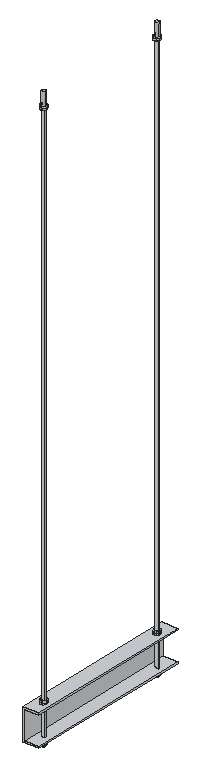
Revit family "TH_DA_U_Steel_Thread Rod", category Pipe Accessories, Revit 2023
Family settings
  Round Connector Dimension = Use Diameter
  Part Type = Normal
  Work Plane-Based = No
  Always vertical = Yes
  Cut with Voids When Loaded = No
  Shared = Yes
Parameters
  Washer_Thickness [instance] = size_lookup(LookupTable1, "s", 2 mm, BoltsNut_Type)  # 2 mm
  System_Type [instance] = ""
  Steel_Type [instance] = "C100x50"
  Middle [instance] = yes
  LookupTable2 = "DA_Thép C"  # constant formula
  LookupTable3 = "DA_Hexa Nuts_DIN934"  # constant formula
  Length Middle [instance] = 330.2 mm
  LAYER_2 [instance] = no
  LAYER 2 [instance] = 460 mm
  Insulation Thickness = 0 mm
  HexaNuts_Thickness [instance] = size_lookup(LookupTable3, "k", 2 mm, BoltsNut_Type)  # 8 mm
  VSteel_Thickness [instance] = size_lookup(LookupTable2, "T", 5 mm, Steel_Type)  # 5 mm
  VSteel_Height [instance] = size_lookup(LookupTable2, "H", 100 mm, Steel_Type)  # 100 mm
  VSteel _FaceWidth [instance] = size_lookup(LookupTable2, "W", 40 mm, Steel_Type)  # 50 mm
  UseClassification = 4
  ThreadRod_Diameter [instance] = size_lookup(LookupTable1, "d1", 2 mm, BoltsNut_Type)  # 10.5 mm
  Suppport_Hole Diameter [instance] = size_lookup(LookupTable1, "ND", 2 mm, BoltsNut_Type)  # 10 mm
  ThreadRod_Extend = 10 mm
  VSteel_Total Length [instance] = 550 mm
  Default Elevation = 0 mm
  BoltsNut_Type [instance] = "M10"
  LookupTable1 = "DA_FlatWasher_DIN 125"  # constant formula
  Distance_RodToElement = 50 mm
  Distance_EdgeToRod = 50 mm
  ElementBottomToFloor [instance] = 1700 mm
  WasherFlat_Thinkness [instance] = if(Suppport_Hole Diameter = 3 mm, 0.5 mm, if(Suppport_Hole Diameter = 4 mm, 0.8 mm, if(Suppport_Hole Diameter = 5 mm, 1 mm, if(Suppport_Hole Diameter = 6 mm, 1.6 mm, if(Suppport_Hole Diameter = 8 mm, 1.6 mm, if(Suppport_Hole Diameter = 10 mm, 2 mm, if(Suppport_Hole Diameter = 12 mm, 2.5 mm, if(Suppport_Hole Diameter = 14 mm, 2.5 mm, if(Suppport_Hole Diameter = 16 mm, 3 mm, if(Suppport_Hole Diameter = 18 mm, 3 mm, if(Suppport_Hole Diameter = 20 mm, 3 mm, if(Suppport_Hole Diameter = 22 mm, 3 mm, if(Suppport_Hole Diameter = 24 mm, 4 mm, if(Suppport_Hole Diameter = 27 mm, 4 mm, if(Suppport_Hole Diameter = 30 mm, 4 mm, if(Suppport_Hole Diameter = 33 mm, 5 mm, if(Suppport_Hole Diameter = 36 mm, 5 mm, if(Suppport_Hole Diameter = 39 mm, 6 mm, if(Suppport_Hole Diameter = 42 mm, 7 mm, if(Suppport_Hole Diameter = 45 mm, 7 mm, if(Suppport_Hole Diameter = 48 mm, 8 mm, if(Suppport_Hole Diameter = 52 mm, 8 mm, if(Suppport_Hole Diameter = 56 mm, 9 mm, if(Suppport_Hole Diameter = 60 mm, 9 mm, if(Suppport_Hole Diameter = 64 mm, 9 mm, 0 mm)))))))))))))))))))))))))  # 2 mm
  Element_Width [instance] = 1300 mm
Reference planes
  plane 1 "Center (Front/Back)": y = 0
  plane 2: z = 0
  plane 3 "Center (Left/Right)": x = 0
  plane 4: y = 275
  plane 5: y = -275
  plane 6: x = 25
  plane 7: x = -25
  plane 8: y = 225
  plane 9: y = -225
  plane 10: z = -100
  plane 11: z = -5
  plane 12: z = -7
  plane 13: z = -15
  plane 14: z = -25
  plane 15: z = 2
  plane 16: z = 1700
  plane 17: z = 1698
  plane 18: z = 0
  plane 19: z = -102
  plane 20: z = -110
  plane 21: z = -100
  plane 22: z = -122.615
  plane 23: z = 460
  plane 24: z = 560
  plane 25: z = 358
  plane 26: z = 350
  plane 27: z = 565
  plane 28: z = 367
  plane 29: z = 455
  plane 30: z = 453
  plane 31: z = 462
  plane 32: z = -93
  plane 33: z = -95
  plane 34: z = 360
  plane 35: z = 365
Forms (mm)
  Extrusion 1, solid
    sketch origin (-64.486, -1524, -25) x (-1, 0, 0) y (0, -1, 0)
      loop
        circle (-64.486, -1299) r 5.25
    from -97.615 to 1725
  Extrusion 2, solid
    sketch origin (-64.486, -1524, -25) x (-1, 0, 0) y (0, -1, 0)
      loop
        circle (-64.486, -1749) r 5.25
    from -97.615 to 1725
Lines and regions (mm)
  model lines
    curve 1: line (-25, 225, 0) -> (25, 225, 0)
    curve 2: line (-25, -225, 0) -> (25, -225, 0)
    curve 3: line (0, 275, 0) -> (0, 225, 0)
    curve 4: line (0, -225, 0) -> (0, -275, 0)
Dimensions and locks
  "Distance_EdgeToRod": plane 4 to plane 8
  "Distance_EdgeToRod": plane 9 to plane 5
  "VSteel_Total Length": plane 4 to plane 5
  equal spacing: plane 7, plane 3 "Center (Left/Right)", plane 6
  "VSteel _FaceWidth": plane 7 to plane 6
  "VSteel_Height": plane 2 to plane 10
  "VSteel_Thickness": plane 2 to plane 11
  "Washer_Thickness": plane 11 to plane 12
  "HexaNuts_Thickness": plane 12 to plane 13
  "ThreadRod_Extend": plane 13 to plane 14
  "Washer_Thickness": plane 15 to plane 2
  "ElementBottomToFloor": plane 16 to plane 2
  "Washer_Thickness": plane 16 to plane 17
  plane 18 to plane 2 = 0 mm
  equal spacing: plane 9, plane 1 "Center (Front/Back)", plane 8
  locked: plane 19 to plane 21 at 2
  locked: plane 20 to plane 21 at 10
  locked: plane 22 to plane 21 at 22.615
  "LAYER 2": plane 23 to level
  locked: plane 31 to plane 23 at 2
  locked: plane 25 to plane 26 at 8
  "Washer_Thickness": plane 32 to plane 33
  "VSteel_Thickness": plane 33 to plane 21
  "VSteel_Thickness": plane 35 to plane 34
  plane 28 to plane 35 = 2 mm
  plane 34 to plane 25 = 2 mm
  plane 23 to plane 33 = 555 mm
  "VSteel_Height": plane 23 to plane 34
  "VSteel_Thickness": plane 23 to plane 29
  "Washer_Thickness": plane 29 to plane 30
  "ThreadRod_Diameter": diameter of Extrusion 1 sketch curve
  "ThreadRod_Diameter": diameter of Extrusion 2 sketch curve
  aligned and locked: level to plane 2
  aligned and locked: plane 9 to Extrusion 1 sketch curve
  aligned and locked: plane 3 "Center (Left/Right)" to Extrusion 1 sketch curve
  aligned and locked: plane 3 "Center (Left/Right)" to nested 2
  aligned and locked: plane 3 "Center (Left/Right)" to nested 1
  aligned and locked: plane 9 to nested 1
  aligned and locked: plane 9 to nested 2
  aligned and locked: plane 11 to nested 2
  aligned and locked: plane 12 to nested 1
  aligned and locked: plane 2 to nested 4
  aligned and locked: plane 15 to nested 3
  aligned and locked: nested 3 to plane 3 "Center (Left/Right)"
  aligned and locked: nested 4 to plane 3 "Center (Left/Right)"
  aligned and locked: nested 3 to plane 9
  aligned and locked: nested 4 to plane 9
  aligned and locked: plane 16 to Extrusion 1
  aligned and locked: plane 8 to Extrusion 2 sketch curve
  aligned and locked: plane 3 "Center (Left/Right)" to Extrusion 2 sketch curve
  aligned and locked: Extrusion 2 to Extrusion 1  (x2)
  aligned and locked: plane 8 to nested 7
  aligned and locked: plane 8 to nested 8
  aligned and locked: nested 6 to plane 8
  aligned and locked: nested 5 to plane 8  (x2)
  aligned and locked: nested 7 to plane 8
  aligned and locked: nested 8 to plane 2
  aligned and locked: nested 7 to plane 15
  aligned and locked: nested 6 to plane 11
  aligned and locked: nested 5 to plane 12
  aligned and locked: nested 10 to plane 9
  aligned and locked: nested 9 to plane 9
  aligned and locked: nested 10 to plane 16
  aligned and locked: nested 9 to plane 17
  aligned and locked: plane 8 to nested 11
  aligned and locked: plane 8 to nested 12
  aligned and locked: plane 16 to nested 12
  aligned and locked: plane 17 to nested 11
  aligned and locked: nested 10 to plane 3 "Center (Left/Right)"
  aligned and locked: nested 9 to plane 3 "Center (Left/Right)"
  aligned and locked: plane 3 "Center (Left/Right)" to nested 12
  aligned and locked: plane 3 "Center (Left/Right)" to nested 11
  aligned and locked: plane 9 to nested 13
  aligned and locked: plane 16 to nested 13
  aligned and locked: nested 14 to plane 8
  aligned and locked: plane 16 to nested 14
  aligned and locked: plane 3 "Center (Left/Right)" to nested 13
  aligned and locked: nested 14 to plane 3 "Center (Left/Right)"
  aligned and locked: curve 1 to plane 8
  aligned and locked: plane 9 to curve 2
  aligned and locked: curve 3 to plane 3 "Center (Left/Right)"
  aligned and locked: plane 4 to curve 3
  aligned and locked: plane 8 to curve 3
  aligned and locked: plane 5 to curve 4
  aligned and locked: curve 4 to plane 3 "Center (Left/Right)"
  aligned and locked: nested 15 to plane 4
  aligned and locked: nested 15 to plane 1 "Center (Front/Back)"
  aligned and locked: nested 16 to plane 19
  aligned and locked: plane 22 to Extrusion 2
  aligned and locked: nested 17 to plane 20
  aligned and locked: nested 18 to plane 19
  aligned and locked: nested 16 to plane 8
  aligned and locked: plane 9 to nested 17  (x2)
  aligned and locked: plane 9 to nested 18
  aligned and locked: nested 24 to plane 8
  aligned and locked: nested 20 to plane 8
  aligned and locked: nested 21 to plane 8
  aligned and locked: plane 8 to nested 22
  aligned and locked: plane 8 to nested 23
  aligned and locked: nested 29 to plane 20
  aligned and locked: nested 20 to plane 25
  aligned and locked: plane 26 to nested 20
  aligned and locked: nested 24 to plane 26
  aligned and locked: nested 22 to plane 28
  aligned and locked: nested 26 to plane 29
  aligned and locked: nested 25 to plane 30
  aligned and locked: nested 28 to plane 23
  aligned and locked: nested 27 to plane 31
  aligned and locked: plane 31 to nested 28
  aligned and locked: nested 25 to plane 8
  aligned and locked: nested 26 to plane 8
  aligned and locked: plane 8 to nested 27
  aligned and locked: plane 8 to nested 28
  aligned and locked: plane 9 to nested 34
  aligned and locked: nested 34 to plane 26
  aligned and locked: plane 9 to nested 30
  aligned and locked: nested 30 to plane 25
  aligned and locked: plane 9 to nested 31
  aligned and locked: plane 25 to nested 31
  aligned and locked: nested 33 to plane 9
  aligned and locked: plane 28 to nested 33
  aligned and locked: nested 32 to plane 9
  aligned and locked: nested 37 to plane 9
  aligned and locked: nested 38 to plane 9
  aligned and locked: nested 37 to plane 31
  aligned and locked: plane 31 to nested 38
  aligned and locked: plane 9 to nested 35
  aligned and locked: plane 9 to nested 36
  aligned and locked: plane 30 to nested 36
  aligned and locked: nested 35 to plane 30
  aligned and locked: nested 39 to plane 20
  aligned and locked: plane 9 to nested 39
  aligned and locked: nested 29 to plane 8
  aligned and locked: plane 28 to nested 23
  aligned and locked: plane 25 to nested 21
  aligned and locked: nested 32 to plane 28
  aligned and locked: plane 10 to plane 21
  aligned and locked: nested 40 to plane 32
  aligned and locked: plane 32 to nested 41
  aligned and locked: nested 42 to plane 9
  aligned and locked: nested 43 to plane 9
  aligned and locked: nested 43 to plane 33
  aligned and locked: nested 42 to plane 32
  aligned and locked: plane 34 to nested 19
  aligned and locked: plane 35 to nested 19
  aligned and locked: plane 23 to nested 19
  aligned and locked: plane 8 to nested 40
  aligned and locked: plane 8 to nested 41
  aligned and locked: nested 44 to plane 19
  aligned and locked: plane 8 to nested 44
Automatic sketch dimensions
  curve 2 to plane 7 = 0 mm
  curve 1 to plane 7 = 0 mm
  curve 2 to plane 6 = 0 mm
  curve 1 to plane 6 = 0 mm
Nested families
  nested 1: "TH_Hexa Nuts_DIN933_R19" at (0, -225, -15), DSC_Nuts_Type <- "BoltsNut_Type", type "Hexa Nuts"
    with Nuts_Working Radius 8.5 mm, Nuts_Working Diameter 10 mm, Nuts_Thinkness 8 mm, Nuts_Size in 17 mm, Nuts_Outer Dimentions 19.6 mm, Nuts_Lace Step 1.25 mm, Nuts_Half Size in 8.5 mm, DSC_Nuts_Type "M10"
  nested 2: "TH_Flat Washer_DIN125_R19" at (0, -225, -7), DSC_Washer_Type <- "BoltsNut_Type", type "Flat Washer"
    with FlatWasher_Thickness 2 mm, FlatWasher_OutsideDiameter 20 mm, FlatWasher_InsideDiameter 10.5 mm, DSC_Washer_Type "M10"
  nested 3: "TH_Hexa Nuts_DIN933_R19" at (0, -225, 10) x (1, 0, 0) z (0, 0, -1), DSC_Nuts_Type <- "BoltsNut_Type", type "Hexa Nuts"
    with Nuts_Working Radius 8.5 mm, Nuts_Working Diameter 10 mm, Nuts_Thinkness 8 mm, Nuts_Size in 17 mm, Nuts_Outer Dimentions 19.6 mm, Nuts_Lace Step 1.25 mm, Nuts_Half Size in 8.5 mm, DSC_Nuts_Type "M10"
  nested 4: "TH_Flat Washer_DIN125_R19" at (0, -225, 2) x (1, 0, 0) z (0, 0, -1), DSC_Washer_Type <- "BoltsNut_Type", type "Flat Washer"
    with FlatWasher_Thickness 2 mm, FlatWasher_OutsideDiameter 20 mm, FlatWasher_InsideDiameter 10.5 mm, DSC_Washer_Type "M10"
  nested 5: "TH_Hexa Nuts_DIN933_R19" at (0, 225, -15), DSC_Nuts_Type <- "BoltsNut_Type", type "Hexa Nuts"
    with Nuts_Working Radius 8.5 mm, Nuts_Working Diameter 10 mm, Nuts_Thinkness 8 mm, Nuts_Size in 17 mm, Nuts_Outer Dimentions 19.6 mm, Nuts_Lace Step 1.25 mm, Nuts_Half Size in 8.5 mm, DSC_Nuts_Type "M10"
  nested 6: "TH_Flat Washer_DIN125_R19" at (0, 225, -7), DSC_Washer_Type <- "BoltsNut_Type", type "Flat Washer"
    with FlatWasher_Thickness 2 mm, FlatWasher_OutsideDiameter 20 mm, FlatWasher_InsideDiameter 10.5 mm, DSC_Washer_Type "M10"
  nested 7: "TH_Hexa Nuts_DIN933_R19" at (0, 225, 10) x (1, 0, 0) z (0, 0, -1), DSC_Nuts_Type <- "BoltsNut_Type", type "Hexa Nuts"
    with Nuts_Working Radius 8.5 mm, Nuts_Working Diameter 10 mm, Nuts_Thinkness 8 mm, Nuts_Size in 17 mm, Nuts_Outer Dimentions 19.6 mm, Nuts_Lace Step 1.25 mm, Nuts_Half Size in 8.5 mm, DSC_Nuts_Type "M10"
  nested 8: "TH_Flat Washer_DIN125_R19" at (0, 225, 2) x (1, 0, 0) z (0, 0, -1), DSC_Washer_Type <- "BoltsNut_Type", type "Flat Washer"
    with FlatWasher_Thickness 2 mm, FlatWasher_OutsideDiameter 20 mm, FlatWasher_InsideDiameter 10.5 mm, DSC_Washer_Type "M10"
  nested 9: "TH_Hexa Nuts_DIN933_R19" at (0, -225, 1698) x (1, 0, 0) z (0, 0, -1), DSC_Nuts_Type <- "BoltsNut_Type", type "Hexa Nuts"
    with Nuts_Working Radius 8.5 mm, Nuts_Working Diameter 10 mm, Nuts_Thinkness 8 mm, Nuts_Size in 17 mm, Nuts_Outer Dimentions 19.6 mm, Nuts_Lace Step 1.25 mm, Nuts_Half Size in 8.5 mm, DSC_Nuts_Type "M10"
  nested 10: "TH_Flat Washer_DIN125_R19" at (0, -225, 1700) x (1, 0, 0) z (0, 0, -1), DSC_Washer_Type <- "BoltsNut_Type", type "Flat Washer"
    with FlatWasher_Thickness 2 mm, FlatWasher_OutsideDiameter 20 mm, FlatWasher_InsideDiameter 10.5 mm, DSC_Washer_Type "M10"
  nested 11: "TH_Hexa Nuts_DIN933_R19" at (0, 225, 1698) x (1, 0, 0) z (0, 0, -1), DSC_Nuts_Type <- "BoltsNut_Type", type "Hexa Nuts"
    with Nuts_Working Radius 8.5 mm, Nuts_Working Diameter 10 mm, Nuts_Thinkness 8 mm, Nuts_Size in 17 mm, Nuts_Outer Dimentions 19.6 mm, Nuts_Lace Step 1.25 mm, Nuts_Half Size in 8.5 mm, DSC_Nuts_Type "M10"
  nested 12: "TH_Flat Washer_DIN125_R19" at (0, 225, 1700) x (1, 0, 0) z (0, 0, -1), DSC_Washer_Type <- "BoltsNut_Type", type "Flat Washer"
    with FlatWasher_Thickness 2 mm, FlatWasher_OutsideDiameter 20 mm, FlatWasher_InsideDiameter 10.5 mm, DSC_Washer_Type "M10"
  nested 13: "TH_Drop in Anchor_DIN931_R19" at (0, -225, 1700), Anchor_Type <- "BoltsNut_Type", type "TH_Drop in Anchor_DIN931_R19"
    with Anchor_WorkingDiameter 10 mm, Anchor_Type "M10", Anchor_TotalLength 40 mm, Anchor_OutsideRadius 6 mm, Anchor_OutsideDiameter 12 mm, Anchor_InsideRadius 5 mm, Anchor_InsideDiameter 10 mm, Anchor_InnerThreadLength 16 mm
  nested 14: "TH_Drop in Anchor_DIN931_R19" at (0, 225, 1700), Anchor_Type <- "BoltsNut_Type", type "TH_Drop in Anchor_DIN931_R19"
    with Anchor_WorkingDiameter 10 mm, Anchor_Type "M10", Anchor_TotalLength 40 mm, Anchor_OutsideRadius 6 mm, Anchor_OutsideDiameter 12 mm, Anchor_InsideRadius 5 mm, Anchor_InsideDiameter 10 mm, Anchor_InnerThreadLength 16 mm
  nested 15: "TH_C Steel_R19" at (-25, 0, -25) x (0, 0, -1) z (-1, 0, 0), VSteel_Type <- "Steel_Type", VSteel_TotalLength <- "VSteel_Total Length", type "TH_C Steel_R19"
    with VSteel_Width 50 mm, VSteel_Type "C100x50", VSteel_TotalLength 550 mm, VSteel_Thinkness 5 mm, VSteel_HoleSpacing 490 mm, VSteel_HoleDiameter 8 mm, VSteel_Height 100 mm
  nested 16: "TH_Hexa Nuts_DIN933_R19" at (0, 225, -110), DSC_Nuts_Type <- "BoltsNut_Type", type "Hexa Nuts"
    with Nuts_Working Radius 8.5 mm, Nuts_Working Diameter 10 mm, Nuts_Thinkness 8 mm, Nuts_Size in 17 mm, Nuts_Outer Dimentions 19.6 mm, Nuts_Lace Step 1.25 mm, Nuts_Half Size in 8.5 mm, DSC_Nuts_Type "M10"
  nested 17: "TH_Hexa Nuts_DIN933_R19" at (0, -225, -110), DSC_Nuts_Type <- "BoltsNut_Type", type "Hexa Nuts"
    with Nuts_Working Radius 8.5 mm, Nuts_Working Diameter 10 mm, Nuts_Thinkness 8 mm, Nuts_Size in 17 mm, Nuts_Outer Dimentions 19.6 mm, Nuts_Lace Step 1.25 mm, Nuts_Half Size in 8.5 mm, DSC_Nuts_Type "M10"
  nested 18: "TH_Flat Washer_DIN125_R19" at (0, -225, -102), DSC_Washer_Type <- "BoltsNut_Type", type "Flat Washer"
    with FlatWasher_Thickness 2 mm, FlatWasher_OutsideDiameter 20 mm, FlatWasher_InsideDiameter 10.5 mm, DSC_Washer_Type "M10"
  nested 19: "TH_C Steel_R19" at (-25, 0, 435) x (0, 0, -1) z (-1, 0, 0), VSteel_Type <- "Steel_Type", VSteel_TotalLength <- "VSteel_Total Length", visible <- "LAYER_2", type "TH_C Steel_R19"
    with VSteel_Width 50 mm, VSteel_Type "C100x50", VSteel_TotalLength 550 mm, VSteel_Thinkness 5 mm, VSteel_HoleSpacing 490 mm, VSteel_HoleDiameter 8 mm, VSteel_Height 100 mm
  nested 20: "TH_Hexa Nuts_DIN933_R19" at (0, 225, 350), DSC_Nuts_Type <- "BoltsNut_Type", visible <- "LAYER_2", type "Hexa Nuts"
    with Nuts_Working Radius 8.5 mm, Nuts_Working Diameter 10 mm, Nuts_Thinkness 8 mm, Nuts_Size in 17 mm, Nuts_Outer Dimentions 19.6 mm, Nuts_Lace Step 1.25 mm, Nuts_Half Size in 8.5 mm, DSC_Nuts_Type "M10"
  nested 21: "TH_Flat Washer_DIN125_R19" at (0, 225, 358), DSC_Washer_Type <- "BoltsNut_Type", visible <- "LAYER_2", type "Flat Washer"
    with FlatWasher_Thickness 2 mm, FlatWasher_OutsideDiameter 20 mm, FlatWasher_InsideDiameter 10.5 mm, DSC_Washer_Type "M10"
  nested 22: "TH_Hexa Nuts_DIN933_R19" at (0, 225, 375) x (1, 0, 0) z (0, 0, -1), DSC_Nuts_Type <- "BoltsNut_Type", visible <- "LAYER_2", type "Hexa Nuts"
    with Nuts_Working Radius 8.5 mm, Nuts_Working Diameter 10 mm, Nuts_Thinkness 8 mm, Nuts_Size in 17 mm, Nuts_Outer Dimentions 19.6 mm, Nuts_Lace Step 1.25 mm, Nuts_Half Size in 8.5 mm, DSC_Nuts_Type "M10"
  nested 23: "TH_Flat Washer_DIN125_R19" at (0, 225, 367) x (1, 0, 0) z (0, 0, -1), DSC_Washer_Type <- "BoltsNut_Type", visible <- "LAYER_2", type "Flat Washer"
    with FlatWasher_Thickness 2 mm, FlatWasher_OutsideDiameter 20 mm, FlatWasher_InsideDiameter 10.5 mm, DSC_Washer_Type "M10"
  nested 24: "TH_Hexa Nuts_DIN933_R19" at (0, 225, 342), DSC_Nuts_Type <- "BoltsNut_Type", visible <- "LAYER_2", type "Hexa Nuts"
    with Nuts_Working Radius 8.5 mm, Nuts_Working Diameter 10 mm, Nuts_Thinkness 8 mm, Nuts_Size in 17 mm, Nuts_Outer Dimentions 19.6 mm, Nuts_Lace Step 1.25 mm, Nuts_Half Size in 8.5 mm, DSC_Nuts_Type "M10"
  nested 25: "TH_Hexa Nuts_DIN933_R19" at (0, 225, 445), DSC_Nuts_Type <- "BoltsNut_Type", visible <- "LAYER_2", type "Hexa Nuts"
    with Nuts_Working Radius 8.5 mm, Nuts_Working Diameter 10 mm, Nuts_Thinkness 8 mm, Nuts_Size in 17 mm, Nuts_Outer Dimentions 19.6 mm, Nuts_Lace Step 1.25 mm, Nuts_Half Size in 8.5 mm, DSC_Nuts_Type "M10"
  nested 26: "TH_Flat Washer_DIN125_R19" at (0, 225, 453), DSC_Washer_Type <- "BoltsNut_Type", visible <- "LAYER_2", type "Flat Washer"
    with FlatWasher_Thickness 2 mm, FlatWasher_OutsideDiameter 20 mm, FlatWasher_InsideDiameter 10.5 mm, DSC_Washer_Type "M10"
  nested 27: "TH_Hexa Nuts_DIN933_R19" at (0, 225, 470) x (1, 0, 0) z (0, 0, -1), DSC_Nuts_Type <- "BoltsNut_Type", visible <- "LAYER_2", type "Hexa Nuts"
    with Nuts_Working Radius 8.5 mm, Nuts_Working Diameter 10 mm, Nuts_Thinkness 8 mm, Nuts_Size in 17 mm, Nuts_Outer Dimentions 19.6 mm, Nuts_Lace Step 1.25 mm, Nuts_Half Size in 8.5 mm, DSC_Nuts_Type "M10"
  nested 28: "TH_Flat Washer_DIN125_R19" at (0, 225, 462) x (1, 0, 0) z (0, 0, -1), DSC_Washer_Type <- "BoltsNut_Type", visible <- "LAYER_2", type "Flat Washer"
    with FlatWasher_Thickness 2 mm, FlatWasher_OutsideDiameter 20 mm, FlatWasher_InsideDiameter 10.5 mm, DSC_Washer_Type "M10"
  nested 29: "TH_Hexa Nuts_DIN933_R19" at (0, 225, -118), DSC_Nuts_Type <- "BoltsNut_Type", type "Hexa Nuts"
    with Nuts_Working Radius 8.5 mm, Nuts_Working Diameter 10 mm, Nuts_Thinkness 8 mm, Nuts_Size in 17 mm, Nuts_Outer Dimentions 19.6 mm, Nuts_Lace Step 1.25 mm, Nuts_Half Size in 8.5 mm, DSC_Nuts_Type "M10"
  nested 30: "TH_Hexa Nuts_DIN933_R19" at (0, -225, 350), DSC_Nuts_Type <- "BoltsNut_Type", visible <- "LAYER_2", type "Hexa Nuts"
    with Nuts_Working Radius 8.5 mm, Nuts_Working Diameter 10 mm, Nuts_Thinkness 8 mm, Nuts_Size in 17 mm, Nuts_Outer Dimentions 19.6 mm, Nuts_Lace Step 1.25 mm, Nuts_Half Size in 8.5 mm, DSC_Nuts_Type "M10"
  nested 31: "TH_Flat Washer_DIN125_R19" at (0, -225, 358), DSC_Washer_Type <- "BoltsNut_Type", visible <- "LAYER_2", type "Flat Washer"
    with FlatWasher_Thickness 2 mm, FlatWasher_OutsideDiameter 20 mm, FlatWasher_InsideDiameter 10.5 mm, DSC_Washer_Type "M10"
  nested 32: "TH_Hexa Nuts_DIN933_R19" at (0, -225, 375) x (1, 0, 0) z (0, 0, -1), DSC_Nuts_Type <- "BoltsNut_Type", visible <- "LAYER_2", type "Hexa Nuts"
    with Nuts_Working Radius 8.5 mm, Nuts_Working Diameter 10 mm, Nuts_Thinkness 8 mm, Nuts_Size in 17 mm, Nuts_Outer Dimentions 19.6 mm, Nuts_Lace Step 1.25 mm, Nuts_Half Size in 8.5 mm, DSC_Nuts_Type "M10"
  nested 33: "TH_Flat Washer_DIN125_R19" at (0, -225, 367) x (1, 0, 0) z (0, 0, -1), DSC_Washer_Type <- "BoltsNut_Type", visible <- "LAYER_2", type "Flat Washer"
    with FlatWasher_Thickness 2 mm, FlatWasher_OutsideDiameter 20 mm, FlatWasher_InsideDiameter 10.5 mm, DSC_Washer_Type "M10"
  nested 34: "TH_Hexa Nuts_DIN933_R19" at (0, -225, 342), DSC_Nuts_Type <- "BoltsNut_Type", visible <- "LAYER_2", type "Hexa Nuts"
    with Nuts_Working Radius 8.5 mm, Nuts_Working Diameter 10 mm, Nuts_Thinkness 8 mm, Nuts_Size in 17 mm, Nuts_Outer Dimentions 19.6 mm, Nuts_Lace Step 1.25 mm, Nuts_Half Size in 8.5 mm, DSC_Nuts_Type "M10"
  nested 35: "TH_Hexa Nuts_DIN933_R19" at (0, -225, 445), DSC_Nuts_Type <- "BoltsNut_Type", visible <- "LAYER_2", type "Hexa Nuts"
    with Nuts_Working Radius 8.5 mm, Nuts_Working Diameter 10 mm, Nuts_Thinkness 8 mm, Nuts_Size in 17 mm, Nuts_Outer Dimentions 19.6 mm, Nuts_Lace Step 1.25 mm, Nuts_Half Size in 8.5 mm, DSC_Nuts_Type "M10"
  nested 36: "TH_Flat Washer_DIN125_R19" at (0, -225, 453), DSC_Washer_Type <- "BoltsNut_Type", visible <- "LAYER_2", type "Flat Washer"
    with FlatWasher_Thickness 2 mm, FlatWasher_OutsideDiameter 20 mm, FlatWasher_InsideDiameter 10.5 mm, DSC_Washer_Type "M10"
  nested 37: "TH_Hexa Nuts_DIN933_R19" at (0, -225, 470) x (1, 0, 0) z (0, 0, -1), DSC_Nuts_Type <- "BoltsNut_Type", visible <- "LAYER_2", type "Hexa Nuts"
    with Nuts_Working Radius 8.5 mm, Nuts_Working Diameter 10 mm, Nuts_Thinkness 8 mm, Nuts_Size in 17 mm, Nuts_Outer Dimentions 19.6 mm, Nuts_Lace Step 1.25 mm, Nuts_Half Size in 8.5 mm, DSC_Nuts_Type "M10"
  nested 38: "TH_Flat Washer_DIN125_R19" at (0, -225, 462) x (1, 0, 0) z (0, 0, -1), DSC_Washer_Type <- "BoltsNut_Type", visible <- "LAYER_2", type "Flat Washer"
    with FlatWasher_Thickness 2 mm, FlatWasher_OutsideDiameter 20 mm, FlatWasher_InsideDiameter 10.5 mm, DSC_Washer_Type "M10"
  nested 39: "TH_Hexa Nuts_DIN933_R19" at (0, -225, -118), DSC_Nuts_Type <- "BoltsNut_Type", type "Hexa Nuts"
    with Nuts_Working Radius 8.5 mm, Nuts_Working Diameter 10 mm, Nuts_Thinkness 8 mm, Nuts_Size in 17 mm, Nuts_Outer Dimentions 19.6 mm, Nuts_Lace Step 1.25 mm, Nuts_Half Size in 8.5 mm, DSC_Nuts_Type "M10"
  nested 40: "TH_Hexa Nuts_DIN933_R19" at (0, 225, -85) x (1, 0, 0) z (0, 0, -1), DSC_Nuts_Type <- "BoltsNut_Type", visible <- "LAYER_2", type "Hexa Nuts"
    with Nuts_Working Radius 8.5 mm, Nuts_Working Diameter 10 mm, Nuts_Thinkness 8 mm, Nuts_Size in 17 mm, Nuts_Outer Dimentions 19.6 mm, Nuts_Lace Step 1.25 mm, Nuts_Half Size in 8.5 mm, DSC_Nuts_Type "M10"
  nested 41: "TH_Flat Washer_DIN125_R19" at (0, 225, -93) x (1, 0, 0) z (0, 0, -1), DSC_Washer_Type <- "BoltsNut_Type", visible <- "LAYER_2", type "Flat Washer"
    with FlatWasher_Thickness 2 mm, FlatWasher_OutsideDiameter 20 mm, FlatWasher_InsideDiameter 10.5 mm, DSC_Washer_Type "M10"
  nested 42: "TH_Hexa Nuts_DIN933_R19" at (0, -225, -85) x (1, 0, 0) z (0, 0, -1), DSC_Nuts_Type <- "BoltsNut_Type", visible <- "LAYER_2", type "Hexa Nuts"
    with Nuts_Working Radius 8.5 mm, Nuts_Working Diameter 10 mm, Nuts_Thinkness 8 mm, Nuts_Size in 17 mm, Nuts_Outer Dimentions 19.6 mm, Nuts_Lace Step 1.25 mm, Nuts_Half Size in 8.5 mm, DSC_Nuts_Type "M10"
  nested 43: "TH_Flat Washer_DIN125_R19" at (0, -225, -93) x (1, 0, 0) z (0, 0, -1), DSC_Washer_Type <- "BoltsNut_Type", visible <- "LAYER_2", type "Flat Washer"
    with FlatWasher_Thickness 2 mm, FlatWasher_OutsideDiameter 20 mm, FlatWasher_InsideDiameter 10.5 mm, DSC_Washer_Type "M10"
  nested 44: "TH_Flat Washer_DIN125_R19" at (0, 225, -100) x (1, 0, 0) z (0, 0, -1), DSC_Washer_Type <- "BoltsNut_Type", visible <- "LAYER_2", type "Flat Washer"
    with FlatWasher_Thickness 2 mm, FlatWasher_OutsideDiameter 20 mm, FlatWasher_InsideDiameter 10.5 mm, DSC_Washer_Type "M10"
Definition of nested family "TH_Hexa Nuts_DIN933_R19"
  Parameters (values of type "Hexa Nuts")
    Type Image = (empty or 0)
    Nuts_Working Diameter [instance] = size_lookup(DSC_Lookup Table, "d", 2 mm, DSC_Nuts_Type)  # 10 mm
    Nuts_Size in [instance] = size_lookup(DSC_Lookup Table, "s", 2 mm, DSC_Nuts_Type)  # 17 mm
    Nuts_Outer Dimentions [instance] = size_lookup(DSC_Lookup Table, "e", 2 mm, DSC_Nuts_Type)  # 19.6 mm
    Nuts_Lace Step [instance] = size_lookup(DSC_Lookup Table, "P", 2 mm, DSC_Nuts_Type)  # 1.25 mm
    Nuts_Half Size in [instance] = Nuts_Size in / 2  # 8.5 mm
    Nuts_Working Radius [instance] = Nuts_Size in / 2  # 8.5 mm
    Nuts_Thinkness [instance] = size_lookup(DSC_Lookup Table, "k", 2 mm, DSC_Nuts_Type)  # 8 mm
    Default Elevation = 0 mm
    DSC_Nuts_Type [instance] = "M10"
    DSC_Lookup Table = "DA_Hexa Nuts_DIN934"  # constant formula
  Reference planes
    plane 1 "Center (Front/Back)": y = 0
    plane 2: z = 0
    plane 3 "Center (Left/Right)": x = 0
    plane 4: through (-17.5, 30.311, 1200) normal (0.866, 0.5, 0)
    plane 5: through (-17.5, -30.311, 1200) normal (-0.866, 0.5, 0)
    plane 6: z = 8
  Forms (mm)
    Extrusion 1, solid
      sketch origin (0, 0, 0) x (1, 0, 0) y (0, 1, 0)
        loop
          line (9.815, 0) -> (4.907, 8.5) -> (-4.907, 8.5) -> (-9.815, 0) -> (-4.907, -8.5) -> (4.907, -8.5) -> (9.815, 0)
        loop
          circle (0, 0) r 5
      from 0 to 8
    Revolve 2, void
      sketch origin (0, 0, 0) x (0, 1, 0) y (0, 0, 1)
        loop
          line (-8.5, 8) -> (-19.6, 8) -> (-19.6, 0) -> (-8.5, 0) -> (-15.428, 4) -> (-8.5, 8)
        axis (0, 0) -> (0, 8)
      angle from 0 to 360
  Cuts and joins
    Revolve 2 cuts Extrusion 1
  Dimensions and locks
    "Nuts_Working Radius": Extrusion 1 sketch curve to plane 5  (x2)
    "Nuts_Working Radius": Extrusion 1 sketch curve to plane 1 "Center (Front/Back)"  (x2)
    "Nuts_Working Radius": Extrusion 1 sketch curve to plane 4  (x2)
    "Nuts_Thinkness": plane 6 to level
    "Nuts_Working Radius": Revolve 2 sketch curve to Revolve 2 sketch curve  (x2)
    "Nuts_Thinkness": Revolve 2 sketch curve to level
    "Nuts_Outer Dimentions": Revolve 2 sketch curve to Revolve 2 sketch curve
    "Nuts_Working Diameter": diameter of Extrusion 1 sketch curve
    locked: level to Revolve 2 sketch curve (angle 30.00°)
    locked: Revolve 2 sketch curve to level (angle 30.00°)
    aligned and locked: level to plane 2
    aligned and locked: Extrusion 1 to level
    aligned and locked: plane 6 to Extrusion 1
    aligned and locked: Revolve 2 sketch curve to level
  Automatic sketch dimensions
    plane 1 "Center (Front/Back)" to Extrusion 1 sketch curve = 0 mm
    Extrusion 1 sketch curve to plane 3 "Center (Left/Right)" = 0 mm
    Revolve 2 sketch curve to plane 1 "Center (Front/Back)" = 0 mm
    Revolve 2 sketch curve to level = 115.333 mm
    plane 6 to Revolve 2 sketch curve = 1259.435 mm
Definition of nested family "TH_Flat Washer_DIN125_R19"
  Parameters (values of type "Flat Washer")
    FlatWasher_Thickness [instance] = size_lookup(DSC_Lookup Table, "s", 2 mm, DSC_Washer_Type)  # 9 mm
    FlatWasher_OutsideDiameter [instance] = size_lookup(DSC_Lookup Table, "d2", 2 mm, DSC_Washer_Type)  # 115 mm
    FlatWasher_InsideDiameter [instance] = size_lookup(DSC_Lookup Table, "d1", 2 mm, DSC_Washer_Type)  # 66 mm
    Default Elevation = 0 mm
    DSC_Washer_Type [instance] = "M64"
    DSC_Lookup Table = "DA_FlatWasher_DIN 125"  # constant formula
  Reference planes
    plane 1 "Center (Front/Back)": y = 0
    plane 2: z = 0
    plane 3 "Center (Left/Right)": x = 0
    plane 4: z = 9
  Forms (mm)
    Extrusion 1, solid
      sketch origin (0, 0, 0) x (1, 0, 0) y (0, 1, 0)
        loop
          circle (0, 0) r 57.5
        loop
          circle (0, 0) r 33
      from 0 to 9
  Dimensions and locks
    "FlatWasher_Thickness": level to plane 4
    "FlatWasher_InsideDiameter": diameter of Extrusion 1 sketch curve
    "FlatWasher_OutsideDiameter": diameter of Extrusion 1 sketch curve
    aligned and locked: level to plane 2
    aligned and locked: Extrusion 1 to level
    aligned and locked: plane 4 to Extrusion 1
  Automatic sketch dimensions
    Extrusion 1 sketch curve to Extrusion 1 sketch curve = 0 mm  (x2)
    plane 1 "Center (Front/Back)" to Extrusion 1 sketch curve = 0 mm
    Extrusion 1 sketch curve to plane 3 "Center (Left/Right)" = 0 mm
Definition of nested family "TH_Drop in Anchor_DIN931_R19"
  Parameters (values of type "DSC_Drop in Anchor_DIN931_R19")
    Lookup Table = "DA_Tắc kê đạn_DIN 931"  # constant formula
    Default Elevation = 0 mm
    Anchor_WorkingDiameter [instance] = size_lookup(Lookup Table, "size", 10 mm, Anchor_Type)  # 10 mm
    Anchor_Type [instance] = "M10"
    Anchor_TotalLength [instance] = size_lookup(Lookup Table, "L", 10 mm, Anchor_Type)  # 40 mm
    Anchor_OutsideDiameter [instance] = size_lookup(Lookup Table, "d2", 10 mm, Anchor_Type)  # 12 mm
    Anchor_InsideDiameter [instance] = size_lookup(Lookup Table, "d1", 10 mm, Anchor_Type)  # 10 mm
    Anchor_InnerThreadLength [instance] = size_lookup(Lookup Table, "L1", 10 mm, Anchor_Type)  # 16 mm
    Anchor_OutsideRadius [instance] = Anchor_OutsideDiameter / 2  # 6 mm
    Anchor_InsideRadius [instance] = Anchor_InsideDiameter / 2  # 5 mm
  Reference planes
    plane 1 "Center (Front/Back)": y = 0
    plane 2: z = 0
    plane 3 "Center (Left/Right)": x = 0
    plane 4: z = 16
    plane 5: z = 40
  Forms (mm)
    Extrusion 1, solid
      sketch origin (0, 0, 0) x (1, 0, 0) y (0, 1, 0)
        loop
          circle (0, 0) r 6
      from 0 to 40
    Extrusion 2, void
      sketch origin (0, 0, 0) x (1, 0, 0) y (0, 1, 0)
        loop
          circle (0, 0) r 5
      from 0 to 16
  Cuts and joins
    Extrusion 2 cuts Extrusion 1
  Dimensions and locks
    "Anchor_InnerThreadLength": plane 4 to plane 2
    "Anchor_TotalLength": plane 5 to plane 2
    "Anchor_OutsideDiameter": diameter of Extrusion 1 sketch curve
    "Anchor_InsideDiameter": diameter of Extrusion 2 sketch curve
    aligned and locked: level to plane 2
    aligned and locked: plane 1 "Center (Front/Back)" to Extrusion 1 sketch curve
    aligned and locked: plane 3 "Center (Left/Right)" to Extrusion 1 sketch curve
    aligned and locked: plane 5 to Extrusion 1
    aligned and locked: Extrusion 1 to plane 2
    aligned and locked: plane 1 "Center (Front/Back)" to Extrusion 2 sketch curve
    aligned and locked: plane 3 "Center (Left/Right)" to Extrusion 2 sketch curve
    aligned and locked: plane 4 to Extrusion 2
    aligned and locked: Extrusion 2 to plane 2
Definition of nested family "TH_C Steel_R19"
  Parameters (values of type "TH_C Steel_R19")
    VSteel_Width [instance] = size_lookup(LookupTable1, "W", 50 mm, VSteel_Type)  # 50 mm
    VSteel_Type [instance] = "C100x50"
    VSteel_TotalLength [instance] = 1000 mm
    VSteel_Thinkness [instance] = size_lookup(LookupTable1, "T", 50 mm, VSteel_Type)  # 5 mm
    VSteel_HoleSpacing [instance] = VSteel_TotalLength - 60 mm  # 940 mm
    VSteel_HoleDiameter [instance] = 8 mm
    VSteel_Height [instance] = size_lookup(LookupTable1, "H", 50 mm, VSteel_Type)  # 100 mm
    LookupTable1 = "DA_Thép C"  # constant formula
    Default Elevation = 0 mm
  Reference planes
    plane 1 "Center (Front/Back)": y = 0
    plane 2: z = 0
    plane 3 "Center (Left/Right)": x = 0
    plane 4: y = 500
    plane 5: y = -500
    plane 6: x = 25
    plane 7: x = -25
    plane 8: z = -100
    plane 9: z = -5
    plane 10: x = -20
    plane 11: y = 470
    plane 12: y = -470
    plane 13: x = 75
    plane 14: x = 70
  Forms (mm)
    Extrusion 1, solid
      sketch origin (-1241.751, -500, 1200) x (-1, 0, 0) y (0, 0, 1)
        loop
          line (-1216.751, -1200) -> (-1316.751, -1200) -> (-1316.751, -1250) -> (-1311.751, -1250) -> (-1311.751, -1205) -> (-1221.751, -1205) -> (-1221.751, -1250) -> (-1216.751, -1250) -> (-1216.751, -1200)
      from 0 to 1000
  Dimensions and locks
    equal spacing: plane 4, plane 1 "Center (Front/Back)", plane 5
    "VSteel_TotalLength": plane 4 to plane 5
    equal spacing: plane 7, plane 3 "Center (Left/Right)", plane 6
    "VSteel_Width": plane 7 to plane 6
    "VSteel_Thinkness": level to plane 9
    "VSteel_Thinkness": plane 10 to plane 7
    equal spacing: plane 11, plane 1 "Center (Front/Back)", plane 12
    "VSteel_HoleSpacing": plane 11 to plane 12
    "VSteel_Width": Extrusion 1 sketch curve to Extrusion 1 sketch curve
    level to plane 8 = 100 mm
    "VSteel_Thinkness": plane 13 to plane 14
    "VSteel_Height": plane 13 to plane 7
    "VSteel_Width": Extrusion 1 sketch curve to level
    aligned and locked: level to plane 2
    aligned and locked: plane 4 to Extrusion 1
    aligned and locked: Extrusion 1 to plane 5
    aligned and locked: Extrusion 1 to plane 7
    aligned and locked: plane 10 to Extrusion 1
    aligned and locked: Extrusion 1 to plane 9
    aligned and locked: level to Extrusion 1
    aligned and locked: plane 13 to Extrusion 1
    aligned and locked: plane 14 to Extrusion 1
  Automatic sketch dimensions
    Extrusion 1 sketch curve to level = 0 mm
    Extrusion 1 sketch curve to plane 13 = 0 mm
    Extrusion 1 sketch curve to plane 14 = 0 mm
    Extrusion 1 sketch curve to plane 9 = 0 mm
    Extrusion 1 sketch curve to plane 10 = 0 mm
    Extrusion 1 sketch curve to plane 7 = 0 mm
